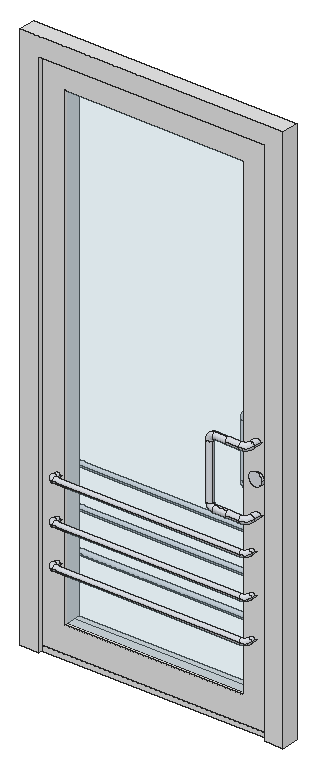
Revit family "AC_ДверьВитражная_Однопольная_ПВХ", category Двери, Revit 2019
Family settings
  Номер OmniClass = 23.30.10.00
  Заголовок OmniClass = Doors
  Всегда вертикально = Да
  При загрузке вырезать с полостями = Нет
  Общий = Нет
  Точка расчета площади = Нет
Parameters (values of type "Остекленная Правая")
  Ширина [instance] = 1000.00 mm
  Функция = Наружные слои
  Угол открывания 30 [instance] = no
  Толщина = 50.00 mm
  Тип полотна = АС-Полотно : Остекленное
  Ручка двери = none
  Рама_Ширина_Справа = 100.00 mm
  Рама_Ширина_Снизу = 100.00 mm
  Рама_Ширина_Слева = 100.00 mm
  Рама_Ширина_Сверху = 100.00 mm
  Рама двери = none
  Правая = yes
  Порог_Высота = 20.00 mm
  Полотно_Ширина [instance] = Ширина - Коробка_Ширина * 2  # 880.00 mm
  Полотно_Высота [instance] = Высота - Коробка_Ширина - Порог_Высота  # 2020.00 mm
  Панель двери = none
  Остекление двери = none
  Описание = "Дверь ПВХ остекленная наружная"
  Аналитическая конструкция = "<Нет>"
  ADSK_Обозначение = "ГОСТ 30970-2014"
  ADSK_Наименование = "ДПН О П Оп Пр Р"
  Левая = not(Правая)  # no
  Коробка_Ширина = 60.00 mm
  Коробка_Толщина = 65.00 mm
  Инструкция по семейству [instance] = "http://communities.autodesk.com/cis/doors.description"
  Защитное ограждение = yes
  Высота [instance] = 2100.00 mm
  ADSK_Этаж [instance] = ""
  ADSK_Примечание [instance] = ""
  ADSK_Предел огнестойкости = ""
  ADSK_Позиция [instance] = ""
  ADSK_Открывание = if(Правая, "Правая", "Левая")  # "Правая"
  ADSK_Наименование краткое = ""
  ADSK_Масса_Текст = ""
  ADSK_Количество [instance] = 0
  ADSK_Код изделия = ""
  ADSK_Зона [instance] = ""
  ADSK_Завод-изготовитель = ""
  ADSK_Единица измерения = ""
  ADSK_Группирование [instance] = ""
  ADSK_Версия Revit = "v2019"  # constant formula
  ADSK_URL страницы изделия = ""
  ADSK_URL документации изделия = ""
Types (2, lengths in mm): name | Правая | ADSK_Наименование | Левая | Инструкция по семейству | ADSK_Открывание
  Остекленная Правая | yes | "ДПН О П Оп Пр Р" | no | "http://communities.autodesk.com/cis/doors.description" | "Правая"
  Остекленная Левая | no | "ДПН О П Оп Л Р" | yes | "" | "Левая"
Reference planes
  plane 1 "По центру (Вперед/Назад)": y = 0
  plane 2: z = 0
  plane 3 "По центру (Влево/Вправо)": x = 82.523
  plane 4: x = -417.477
  plane 5: x = 582.523
  plane 6 "Верх": z = 2100
  plane 7: y = 32.5
  plane 8: y = -32.5
  plane 9: x = -357.477
  plane 10: x = 522.523
  plane 11: y = -17.5
  plane 12: z = 2040
  plane 13: z = 20
  plane 14: z = 1050
Forms (mm)
  Sweep 1, solid, material <- "Панель двери"
    path origin (0, 0, 0) x (1, 0, 0) y (0, 0, 1)
      loop
        line (-417.477, 0) -> (-417.477, 2100) -> (582.523, 2100) -> (582.523, 0)
    profile origin (582.523, 0, 1050) x (0, -1, 0) y (1, 0, 0)
      loop
        line (32.5, 0) -> (-32.5, 0) -> (-32.5, -60) -> (17.5, -60) -> (17.5, -70) -> (32.5, -70) -> (32.5, 0)
  Extrusion 2, solid, material <- "Панель двери", detail levels coarse
    sketch origin (0, 0, 0) x (1, 0, 0) y (0, 1, 0)
      loop
        line (-417.477, -32.5) -> (582.523, -32.5) -> (582.523, 32.5) -> (-417.477, 32.5) -> (-417.477, -32.5)
    from 0 to 2100
  Extrusion 3, solid, material <- "Панель двери"
    sketch origin (0, 0, 0) x (1, 0, 0) y (0, 0, 1)
      loop
        line (-357.477, 20) -> (-357.477, 0) -> (522.523, 0) -> (522.523, 20) -> (-357.477, 20)
    from -32.5 to 17.5
Lines and regions (mm)
  Masking region 1, detail levels medium+fine
    outline origin (82.523, 0, 0) x (0, 1, 0) y (0, 0, 1)
      loop
        line (-17.5, 2040) -> (32.5, 2040) -> (32.5, 2100) -> (-32.5, 2100) -> (-32.5, 2030) -> (-17.5, 2030) -> (-17.5, 2040)
  Masking region 2, detail levels medium+fine
    outline origin (82.523, 0, 0) x (0, 1, 0) y (0, 0, 1)
      loop
        line (-32.5, 0) -> (32.5, 0) -> (32.5, 20) -> (-17.5, 20) -> (-17.5, 30) -> (-32.5, 30) -> (-32.5, 0)
  Masking region 3, detail levels medium+fine
    outline origin (82.523, 0, 0) x (0, 1, 0) y (0, 0, 1)
      loop
        line (-17.5, 20) -> (32.5, 20) -> (32.5, 2040) -> (-17.5, 2040) -> (-17.5, 20)
  Masking region 4, detail levels coarse
    outline origin (82.523, 0, 0) x (0, 1, 0) y (0, 0, 1)
      loop
        line (32.5, 0) -> (32.5, 2100) -> (-32.5, 2100) -> (-32.5, 0) -> (32.5, 0)
  symbolic lines, style "DoorsFrameMullionProjection", detail levels medium+fine
    curve 1: line (82.523, -32.5, 2030) -> (82.523, -32.5, 30)
  symbolic lines, style "Открывание", visible <- "Левая", detail levels medium
    curve 2: line (522.523, 0, 2040) -> (-357.477, 0, 1050)
    curve 3: line (522.523, 0, 20) -> (-357.477, 0, 1050)
  symbolic lines, style "Открывание", visible <- "Правая", detail levels medium
    curve 4: line (-357.477, 0, 2040) -> (522.523, 0, 1050)
    curve 5: line (-357.477, 0, 20) -> (522.523, 0, 1050)
Text (mm)
  text "Наружный" at (-1161.5, 797.241, 0), in view "Опорный уровень "
Dimensions and locks
  equal spacing: plane 4, plane 3 "По центру (Влево/Вправо)", plane 5  (x2)
  "Ширина": plane 4 to plane 5
  equal spacing: plane 7, plane 1 "По центру (Вперед/Назад)", plane 8
  "Коробка_Толщина": plane 7 to plane 8
  "Коробка_Ширина": plane 4 to plane 9
  "Коробка_Ширина": plane 10 to plane 5
  "Толщина": plane 7 to plane 11
  "Высота": plane 6 "Верх" to plane 2
  "Коробка_Ширина": plane 12 to plane 6 "Верх"
  locked: Sweep 1 sketch curve to plane 10 at 10
  equal spacing: plane 2, plane 14, plane 6 "Верх"
  "Порог_Высота": plane 13 to plane 2
  aligned and locked: level to plane 2
  aligned and locked: nested 1 to plane 7
  aligned and locked: plane 7 to nested 2
  aligned and locked: nested 2 to plane 5
  aligned and locked: nested 2 to plane 4
  aligned and locked: nested 1 to plane 4
  aligned and locked: nested 1 to plane 5
  aligned and locked: plane 5 to Sweep 1 sketch curve
  aligned and locked: plane 4 to Sweep 1 sketch curve
  aligned and locked: plane 6 "Верх" to Sweep 1 sketch curve
  aligned and locked: profile plane to Sweep 1 sketch curve
  aligned and locked: plane 7 to Sweep 1 sketch curve
  aligned and locked: plane 8 to Sweep 1 sketch curve
  aligned and locked: plane 10 to Sweep 1 sketch curve
  aligned and locked: plane 11 to Sweep 1 sketch curve
  aligned and locked: Extrusion 2 sketch curve to plane 4
  aligned and locked: Extrusion 2 sketch curve to plane 5
  aligned and locked: Extrusion 2 sketch curve to plane 7
  aligned and locked: Extrusion 2 sketch curve to plane 8
  aligned and locked: Extrusion 2 to plane 6 "Верх"
  aligned and locked: nested 3 to plane 13
  aligned and locked: nested 3 to plane 7
  aligned and locked: nested 4 to plane 7
  aligned and locked: nested 4 to plane 4
  aligned and locked: plane 7 to nested 5
  aligned and locked: nested 5 to plane 5
  aligned and locked: Masking region 1 sketch curve to Sweep 1  (x2)
  aligned and locked: Sweep 1 to Masking region 1 sketch curve
  aligned and locked: plane 8 to Masking region 1 sketch curve
  aligned and locked: plane 6 "Верх" to Masking region 1 sketch curve
  aligned and locked: plane 7 to Masking region 1 sketch curve
  aligned and locked: plane 8 to Masking region 2 sketch curve
  aligned and locked: plane 2 to Masking region 2 sketch curve
  aligned and locked: plane 7 to Masking region 2 sketch curve
  aligned and locked: plane 13 to Masking region 2 sketch curve
  aligned and locked: plane 11 to Masking region 2 sketch curve
  aligned and locked: plane 11 to Masking region 3 sketch curve
  aligned and locked: plane 7 to Masking region 3 sketch curve
  aligned and locked: plane 13 to Masking region 3 sketch curve
  aligned and locked: plane 12 to Masking region 3 sketch curve
  aligned and locked: plane 7 to Masking region 4 sketch curve
  aligned and locked: plane 8 to Masking region 4 sketch curve
  aligned and locked: plane 6 "Верх" to Masking region 4 sketch curve
  aligned and locked: plane 2 to Masking region 4 sketch curve
  aligned and locked: plane 9 to nested 3
  aligned and locked: Sweep 1 to curve 1  (x2)
  aligned and locked: curve 3 to Sweep 1
  aligned and locked: plane 12 to curve 2
  aligned and locked: plane 10 to curve 2
  aligned and locked: plane 14 to curve 2
  aligned and locked: plane 9 to curve 3
  aligned and locked: plane 13 to curve 3
  aligned and locked: Sweep 1 to curve 4
  aligned and locked: nested 3 to curve 4
  aligned and locked: Sweep 1 to curve 5
  aligned and locked: Extrusion 3 sketch curve to plane 13
  aligned and locked: plane 2 to Extrusion 3 sketch curve
  aligned and locked: plane 9 to Extrusion 3 sketch curve
  aligned and locked: Extrusion 3 sketch curve to plane 10
  aligned and locked: plane 7 to Extrusion 3
  aligned and locked: Extrusion 3 to plane 11
Automatic sketch dimensions
  curve 5 to plane 13 = 0.00 mm
  curve 5 to plane 14 = 0.00 mm
  curve 4 to plane 12 = 0.00 mm
  Sweep 1 sketch curve to level = 0.00 mm  (x2)
  plane 13 to curve 1 = 10.00 mm
  plane 13 to Masking region 2 sketch curve = 10.00 mm
Nested families
  nested 1: "АС-Навесная-Однопольная-Обозначение на плане" at (82.523, 32.5, 0), Height <- "Высота", Width <- "Ширина", Толщина <- "Толщина", Коробка.Толщина <- "Коробка_Толщина", visible <- "Левая", Полотно.Ширина <- "Полотно_Ширина", type "АС-Стандарт"
    with built-in parameter 1001301 1000.00 mm, Толщина 50.00 mm, built-in parameter 1001305 960.00 mm, Полотно.Ширина 880.00 mm, Коробка.Толщина 65.00 mm, built-in parameter 1001300 2100.00 mm
  nested 2: "АС-Навесная-Однопольная-Обозначение на плане" at (82.523, 32.5, 0) x (-1, 0, 0) z (0, 0, 1), Height <- "Высота", Width <- "Ширина", Толщина <- "Толщина", Коробка.Толщина <- "Коробка_Толщина", visible <- "Правая", Полотно.Ширина <- "Полотно_Ширина", type "АС-Стандарт"
    with built-in parameter 1001301 1000.00 mm, Толщина 50.00 mm, built-in parameter 1001305 960.00 mm, Полотно.Ширина 880.00 mm, Коробка.Толщина 65.00 mm, built-in parameter 1001300 2100.00 mm
  nested 3: "АС-Полотно" at (82.523, 32.5, 20), Остекление двери <- "Остекление двери", Полотно двери <- "Панель двери", Фурнитура <- "Ручка двери", Полотно двери.Толщина <- "Толщина", Рама.Ширина справа <- "Рама_Ширина_Справа", Рама.Ширина слева <- "Рама_Ширина_Слева", Рама.Ширина внизу <- "Рама_Ширина_Снизу", Рама.Ширина вверху <- "Рама_Ширина_Сверху", Полотно двери.Ширина <- "Полотно_Ширина", Полотно двери.Высота <- "Полотно_Высота", Защитные ограждения <- "Защитное ограждение", type <- "Тип полотна", type "Остекленное"
    with Фурнитура none, Рама.Ширина справа 100.00 mm, Рама.Ширина слева 100.00 mm, Рама.Ширина внизу 100.00 mm, Рама.Ширина вверху 100.00 mm, Полотно двери.Ширина 880.00 mm, Полотно двери.Толщина 50.00 mm, Полотно двери.Высота 2020.00 mm, Полотно двери none, Остекление двери none, Защитные ограждения yes, Остекленная yes, Защитное ограждение.Высота расположения 600.00 mm, Глухая no
  nested 4: "АС-Ручка двери" at (-417.477, 32.5, 0), Ручка двери <- "Ручка двери", Полотно двери.Толщина <- "Толщина", visible <- "Левая", type "АС-Стандарт"
    with Ручка двери none, Полотно двери.Толщина 50.00 mm, Отступ ручки от края 110.00 mm, Высота расположения ручки 1000.00 mm
  nested 5: "АС-Ручка двери" at (582.523, 32.5, 0) x (-1, 0, 0) z (0, 0, 1), Ручка двери <- "Ручка двери", Полотно двери.Толщина <- "Толщина", visible <- "Правая", type "АС-Стандарт"
    with Ручка двери none, Полотно двери.Толщина 50.00 mm, Отступ ручки от края 110.00 mm, Высота расположения ручки 1000.00 mm
Definition of nested family "АС-Полотно"
  Parameters
    Фурнитура [instance] = none
    Рама.Ширина справа [instance] = 100.00 mm
    Рама.Ширина слева [instance] = 100.00 mm
    Рама.Ширина внизу [instance] = 100.00 mm
    Рама.Ширина вверху [instance] = 100.00 mm
    Остекленная = not(Глухая)  # no
    Полотно двери.Ширина [instance] = 900.00 mm
    Полотно двери.Толщина [instance] = 50.00 mm
    Полотно двери.Высота [instance] = 2400.00 mm
    Полотно двери [instance] = none
    Защитное ограждение.Высота расположения = 650.00 mm
    Глухая = yes
    Остекление двери [instance] = none
    Защитные ограждения [instance] = no
    Default Elevation = 0.00 mm
  Reference planes
    plane 1 "Center (Front/Back)": y = 0
    plane 2: z = 0
    plane 3 "Center (Left/Right)": x = 0
    plane 4: x = -450
    plane 5: x = 450
    plane 6 "Back": y = -50
    plane 7: z = 2400
    plane 8 "Остекление снаружи": y = -8
    plane 9 "Остекление внутри": y = -42
    plane 10 "Ширина рамы справа": x = -350
    plane 11 "Ширина рамы слева": x = 350
    plane 12 "Ширина рамы внизу": z = 100
    plane 13 "Ширина рамы вверху": z = 2300
    plane 14: z = 650
    plane 15: z = 500
    plane 16: z = 350
  Forms (mm)
    Extrusion 1, solid, material <- "Остекление двери", visible <- "Остекленная", detail levels medium+fine
      sketch origin (-646.608, -8, 1200) x (-1, 0, 0) y (0, 0, 1)
        loop
          line (-296.608, 1100) -> (-996.608, 1100) -> (-996.608, -1100) -> (-296.608, -1100) -> (-296.608, 1100)
      from 0 to -34
    Sweep 2, solid, material <- "Фурнитура", visible <- "Защитные ограждения", detail levels medium+fine
      path origin (-858.179, -1524, 650) x (-1, 0, 0) y (0, -1, 0)
        loop
          arc (-478.179, -1459) -> (-482.572, -1448.393) -> (-493.179, -1444) r 15
          line (-493.179, -1444) -> (-1223.179, -1444)
          arc (-1223.179, -1444) -> (-1233.785, -1448.393) -> (-1238.179, -1459) r 15
          line (-1238.179, -1459) -> (-1238.179, -1554)
          arc (-1238.179, -1554) -> (-1233.785, -1564.607) -> (-1223.179, -1569) r 15
          line (-1223.179, -1569) -> (-493.179, -1569)
          arc (-493.179, -1569) -> (-482.572, -1564.607) -> (-478.179, -1554) r 15
          line (-478.179, -1554) -> (-478.179, -1459)
      profile origin (-380, -17.5, 650) x (-1, 0, 0) y (0, 0, 1)
        loop
          circle (0, 0) r 10
    Sweep 3, solid, material <- "Фурнитура", visible <- "Защитные ограждения", detail levels medium+fine
      path origin (-858.179, -1524, 500) x (-1, 0, 0) y (0, -1, 0)
        loop
          arc (-478.179, -1459) -> (-482.572, -1448.393) -> (-493.179, -1444) r 15
          line (-493.179, -1444) -> (-1223.179, -1444)
          arc (-1223.179, -1444) -> (-1233.785, -1448.393) -> (-1238.179, -1459) r 15
          line (-1238.179, -1459) -> (-1238.179, -1554)
          arc (-1238.179, -1554) -> (-1233.785, -1564.607) -> (-1223.179, -1569) r 15
          line (-1223.179, -1569) -> (-493.179, -1569)
          arc (-493.179, -1569) -> (-482.572, -1564.607) -> (-478.179, -1554) r 15
          line (-478.179, -1554) -> (-478.179, -1459)
      profile origin (-380, -17.5, 500) x (-1, 0, 0) y (0, 0, 1)
        loop
          circle (0, 0) r 10
    Sweep 4, solid, material <- "Фурнитура", visible <- "Защитные ограждения", detail levels medium+fine
      path origin (-858.179, -1524, 350) x (-1, 0, 0) y (0, -1, 0)
        loop
          arc (-478.179, -1459) -> (-482.572, -1448.393) -> (-493.179, -1444) r 15
          line (-493.179, -1444) -> (-1223.179, -1444)
          arc (-1223.179, -1444) -> (-1233.785, -1448.393) -> (-1238.179, -1459) r 15
          line (-1238.179, -1459) -> (-1238.179, -1554)
          arc (-1238.179, -1554) -> (-1233.785, -1564.607) -> (-1223.179, -1569) r 15
          line (-1223.179, -1569) -> (-493.179, -1569)
          arc (-493.179, -1569) -> (-482.572, -1564.607) -> (-478.179, -1554) r 15
          line (-478.179, -1554) -> (-478.179, -1459)
      profile origin (-380, -17.5, 350) x (-1, 0, 0) y (0, 0, 1)
        loop
          circle (0, 0) r 10
    Sweep 5, solid, material <- "Полотно двери", visible <- "Остекленная", detail levels medium+fine
      path origin (0, 0, 0) x (1, 0, 0) y (0, 0, 1)
        loop
          line (-450, 2400) -> (-450, 0) -> (450, 0) -> (450, 2400) -> (-450, 2400)
      profile origin (-450, 0, 1200) x (0, -1, 0) y (1, 0, 0)
        loop
          line (50, 0) -> (50, 100) -> (-15, 100) -> (-15, -15) -> (0, -15) -> (0, 0) -> (50, 0)
    Extrusion 6, solid, material <- "Полотно двери", visible <- "Глухая", detail levels medium+fine
      sketch origin (0, 0, 0) x (1, 0, 0) y (0, 0, 1)
        loop
          line (-450, 2400) -> (-450, 0) -> (450, 0) -> (450, 2400) -> (-450, 2400)
      from 0 to 50
    Extrusion 7, solid, material <- "Полотно двери", visible <- "Глухая", detail levels medium+fine
      sketch origin (0, 0, 0) x (1, 0, 0) y (0, 0, 1)
        loop
          line (465, 2415) -> (-465, 2415) -> (-465, -15) -> (465, -15) -> (465, 2415)
      from 0 to -15
  Cuts and joins
    joined: Extrusion 6, Extrusion 7
  Dimensions and locks
    "Полотно двери.Толщина": plane 1 "Center (Front/Back)" to plane 6 "Back"
    equal spacing: plane 4, plane 3 "Center (Left/Right)", plane 5
    "Полотно двери.Ширина": plane 4 to plane 5
    "Полотно двери.Высота": plane 7 to plane 2
    locked: plane 9 "Остекление внутри" to plane 6 "Back" at 8
    locked: plane 1 "Center (Front/Back)" to plane 8 "Остекление снаружи" at 8
    "Рама.Ширина вверху": plane 7 to plane 13 "Ширина рамы вверху"
    "Рама.Ширина внизу": plane 12 "Ширина рамы внизу" to plane 2
    "Рама.Ширина справа": plane 5 to plane 11 "Ширина рамы слева"
    "Рама.Ширина слева": plane 10 "Ширина рамы справа" to plane 4
    "Защитное ограждение.Высота расположения": plane 14 to plane 2
    plane 14 to plane 15 to plane 16 = 150.00 mm locked, 150.00 mm locked
    locked: Extrusion 7 to Sweep 2 sketch curve at 30
    locked: Sweep 2 sketch curve to profile plane at 0
    locked: profile plane to Sweep 2 sketch curve at 0
    locked: Sweep 2 sketch curve to plane 6 "Back" at 30
    locked: Sweep 3 sketch curve to profile plane at 0
    locked: profile plane to Sweep 3 sketch curve at 0
    locked: Sweep 3 sketch curve to plane 6 "Back" at 30
    locked: plane 1 "Center (Front/Back)" to Sweep 3 sketch curve at 45
    locked: Sweep 4 sketch curve to profile plane at 0
    locked: profile plane to Sweep 4 sketch curve at 0
    locked: Sweep 4 sketch curve to plane 6 "Back" at 30
    locked: plane 1 "Center (Front/Back)" to Sweep 4 sketch curve at 45
    plane 7 to plane 2 = 2400.00 mm
    locked: Sweep 2 sketch curve to plane 10 "Ширина рамы справа" at 30
    locked: plane 11 "Ширина рамы слева" to Sweep 2 sketch curve at 30
    locked: plane 11 "Ширина рамы слева" to Sweep 3 sketch curve at 30
    locked: Sweep 3 sketch curve to plane 10 "Ширина рамы справа" at 30
    locked: Sweep 4 sketch curve to plane 10 "Ширина рамы справа" at 30
    locked: plane 11 "Ширина рамы слева" to Sweep 4 sketch curve at 30
    locked: Sweep 2 sketch curve to Sweep 2 sketch curve at 15  (x8)
    locked: Sweep 3 sketch curve to Sweep 3 sketch curve at 15  (x8)
    locked: Sweep 4 sketch curve to Sweep 4 sketch curve at 15  (x8)
    locked: plane 1 "Center (Front/Back)" to Sweep 5 sketch curve at 15
    locked: Sweep 5 sketch curve to plane 4 at 15
    aligned and locked: level to plane 2
    aligned and locked: Extrusion 1 sketch curve to plane 10 "Ширина рамы справа"
    aligned and locked: Extrusion 1 sketch curve to plane 11 "Ширина рамы слева"
    aligned and locked: plane 13 "Ширина рамы вверху" to Extrusion 1 sketch curve
    aligned and locked: plane 12 "Ширина рамы внизу" to Extrusion 1 sketch curve
    aligned and locked: Extrusion 1 to plane 8 "Остекление снаружи"
    aligned and locked: Extrusion 1 to plane 9 "Остекление внутри"
    aligned and locked: Sweep 5 sketch curve to plane 4
    aligned and locked: Sweep 5 sketch curve to plane 5
    aligned and locked: Sweep 5 sketch curve to plane 2
    aligned and locked: Sweep 5 sketch curve to plane 7
    aligned and locked: plane 6 "Back" to Sweep 5 sketch curve
    aligned and locked: plane 10 "Ширина рамы справа" to Sweep 5 sketch curve
    aligned and locked: plane 4 to Sweep 5 sketch curve
    aligned and locked: plane 1 "Center (Front/Back)" to Sweep 5 sketch curve
    aligned and locked: Extrusion 6 sketch curve to plane 4
    aligned and locked: Extrusion 6 sketch curve to plane 5
    aligned and locked: Extrusion 6 sketch curve to plane 2
    aligned and locked: Extrusion 6 sketch curve to plane 7
    aligned and locked: Extrusion 7 sketch curve to Sweep 5  (x4)
    aligned and locked: Extrusion 6 to plane 6 "Back"
    aligned and locked: Extrusion 7 to Sweep 5
  Automatic sketch dimensions
    radius of Sweep 2 sketch curve = 10.00 mm
    radius of Sweep 3 sketch curve = 10.00 mm
    radius of Sweep 4 sketch curve = 10.00 mm
Definition of nested family "АС-Ручка двери"
  Parameters
    Ручка двери [instance] = none
    Полотно двери.Толщина [instance] = 90.00 mm
    Отступ ручки от края = 90.00 mm
    Высота расположения ручки = 900.00 mm
    Default Elevation = 0.00 mm
  Reference planes
    plane 1 "Наружная сторона полотна": y = 0
    plane 2: z = 0
    plane 3 "Край полотна": x = 0
    plane 4 "Вертикаль расположения": x = 90
    plane 5 "Горизонталь расположения": z = 900
    plane 6 "Внутренняя сторона полотна": y = -90
    plane 7: z = 650
    plane 8: y = 65
    plane 9: y = -140
  Forms (mm)
    Sweep 1, solid, material <- "Ручка двери", detail levels fine
      path origin (0, 0, 900) x (1, 0, 0) y (0, 1, 0)
        loop
          line (160, 65) -> (110, 65)
          arc (110, 65) -> (95.858, 59.142) -> (90, 45) r 20
          line (90, 45) -> (90, -120)
          arc (90, -120) -> (95.858, -134.142) -> (110, -140) r 20
          line (110, -140) -> (160, -140)
      profile origin (90, -37.5, 900) x (1, 0, 0) y (0, 0, 1)
        loop
          circle (0, 0) r 12
    Extrusion 2, solid, material <- "Ручка двери", detail levels fine
      sketch origin (0, 0, 0) x (1, 0, 0) y (0, 0, 1)
        loop
          circle (90, 775) r 25
      from 98 to -23
    Sweep 3, solid, material <- "Ручка двери", detail levels fine
      path origin (592.846, -30.48, 650) x (1, 0, 0) y (0, 1, 0)
        loop
          line (-432.846, 95.48) -> (-482.846, 95.48)
          arc (-482.846, 95.48) -> (-496.988, 89.622) -> (-502.846, 75.48) r 20
          line (-502.846, 75.48) -> (-502.846, -89.52)
          arc (-502.846, -89.52) -> (-496.988, -103.662) -> (-482.846, -109.52) r 20
          line (-482.846, -109.52) -> (-432.846, -109.52)
      profile origin (90, -37.5, 650) x (1, 0, 0) y (0, 0, 1)
        loop
          circle (0, 0) r 12
    Sweep 4, solid, material <- "Ручка двери", detail levels fine
      path origin (160, 65, 1200) x (1, 0, 0) y (0, 0, 1)
        loop
          line (0, -300) -> (50, -300)
          arc (50, -300) -> (64.142, -305.858) -> (70, -320) r 20
          line (70, -320) -> (70, -530)
          arc (70, -530) -> (64.142, -544.142) -> (50, -550) r 20
          line (50, -550) -> (0, -550)
      profile origin (185, 65, 900) x (0, 0, 1) y (0, -1, 0)
        loop
          circle (0, 0) r 12
    Sweep 5, solid, material <- "Ручка двери", detail levels fine
      path origin (160, -140, 1200) x (1, 0, 0) y (0, 0, 1)
        loop
          line (0, -300) -> (50, -300)
          arc (50, -300) -> (64.142, -305.858) -> (70, -320) r 20
          line (70, -320) -> (70, -530)
          arc (70, -530) -> (64.142, -544.142) -> (50, -550) r 20
          line (50, -550) -> (0, -550)
      profile origin (185, -140, 900) x (0, 0, 1) y (0, -1, 0)
        loop
          circle (0, 0) r 12
  Cuts and joins
    joined: Sweep 1, Sweep 3, Sweep 4, Sweep 5
  Dimensions and locks
    "Отступ ручки от края": plane 3 "Край полотна" to plane 4 "Вертикаль расположения"
    "Высота расположения ручки": plane 5 "Горизонталь расположения" to level
    "Полотно двери.Толщина": plane 1 "Наружная сторона полотна" to plane 6 "Внутренняя сторона полотна"
    locked: plane 1 "Наружная сторона полотна" to Extrusion 2 at 23
    locked: plane 6 "Внутренняя сторона полотна" to Extrusion 2 at 8
    locked: Extrusion 2 sketch curve to plane 5 "Горизонталь расположения" at 125
    locked: Extrusion 2 sketch curve to plane 4 "Вертикаль расположения"
    locked: plane 1 "Наружная сторона полотна" to Sweep 1 sketch curve at 65
    locked: plane 6 "Внутренняя сторона полотна" to Sweep 1 sketch curve at 50
    locked: plane 4 "Вертикаль расположения" to Sweep 1 sketch curve at 70  (x2)
    locked: Sweep 1 sketch curve to plane 5 "Горизонталь расположения"
    locked: plane 4 "Вертикаль расположения" to Sweep 1 sketch curve at 0
    locked: plane 1 "Наружная сторона полотна" to Sweep 3 sketch curve at 65
    locked: plane 6 "Внутренняя сторона полотна" to Sweep 3 sketch curve at 50
    locked: plane 4 "Вертикаль расположения" to Sweep 3 sketch curve at 70  (x2)
    locked: plane 7 to plane 5 "Горизонталь расположения" at 250
    locked: plane 8 to plane 1 "Наружная сторона полотна" at 65
    locked: plane 9 to plane 6 "Внутренняя сторона полотна" at 50
    locked: Sweep 4 sketch curve to plane 4 "Вертикаль расположения" at 140
    locked: Sweep 5 sketch curve to plane 4 "Вертикаль расположения" at 140
    aligned and locked: Sweep 1 sketch curve to plane 4 "Вертикаль расположения"
    aligned and locked: Sweep 3 sketch curve to plane 4 "Вертикаль расположения"
    aligned and locked: plane 7 to Sweep 4 sketch curve
    aligned and locked: plane 5 "Горизонталь расположения" to Sweep 4 sketch curve
    aligned and locked: plane 5 "Горизонталь расположения" to Sweep 5 sketch curve
    aligned and locked: plane 7 to Sweep 5 sketch curve
  Automatic sketch dimensions
    plane 4 "Вертикаль расположения" to Sweep 1 sketch curve = 20.00 mm  (x2)
    plane 4 "Вертикаль расположения" to Sweep 3 sketch curve = 20.00 mm  (x2)
    Sweep 3 sketch curve to plane 7 = 0.00 mm
    profile plane to Sweep 3 sketch curve = 0.00 mm
    Sweep 4 sketch curve to Sweep 4 sketch curve = 20.00 mm
    Sweep 4 sketch curve to plane 5 "Горизонталь расположения" = 20.00 mm
    Sweep 4 sketch curve to Sweep 4 sketch curve = 50.00 mm  (x2)
    Sweep 4 sketch curve to plane 8 = 0.00 mm
    profile plane to Sweep 4 sketch curve = 0.00 mm
    profile plane to Sweep 5 sketch curve = 0.00 mm
    Sweep 5 sketch curve to profile plane = 0.00 mm
    plane 4 "Вертикаль расположения" to Sweep 5 sketch curve = 70.00 mm
    Sweep 5 sketch curve to Sweep 5 sketch curve = 50.00 mm  (x2)
    Sweep 5 sketch curve to plane 5 "Горизонталь расположения" = 20.00 mm
    radius of Sweep 1 sketch curve = 12.00 mm
    radius of Extrusion 2 sketch curve = 25.00 mm
    radius of Sweep 3 sketch curve = 12.00 mm
    radius of Sweep 4 sketch curve = 12.00 mm
    radius of Sweep 5 sketch curve = 12.00 mm
Definition of nested family "АС-Навесная-Однопольная-Обозначение на плане"
  Parameters
    Полотно.Ширина [instance] = 920.00 mm
    Открывание двери 90 = not(Открывание двери 30)  # yes
    Открывание двери 30 = no
    Линия открывания (дуга) = not(Открывание двери 30)  # yes
    Коробка.Толщина [instance] = 80.00 mm
    Width [instance] = 1000.00 mm
    Thickness [instance] = 40.00 mm
    Rough Width [instance] = 960.00 mm
    Height [instance] = 2100.00 mm
    Default Elevation = 0.00 mm
  Reference planes
    plane 1 "Center (Front/Back)": y = 0
    plane 2: z = 0
    plane 3 "Center (Left/Right)": x = 0
    plane 4 "Полотно.Слева": x = -500
    plane 5 "Полотно справа": x = 500
    plane 6 "Полотно. Внутренняя сторона": y = -40
    plane 7 "Коробка. Внутренняя сторона": y = -80
    plane 8 "Коробка.Внутренняя сторона слева": x = -460
    plane 9 "Коробка. Внутренняя сторона справа": x = 460
  Lines and regions (mm)
    Masking region 1, detail levels fine
      outline origin (0, 0, 0) x (1, 0, 0) y (0, 1, 0)
        loop
          line (-500, 0) -> (-500, -80) -> (-450, -80) -> (-450, -40) -> (-460, -40) -> (-460, 0) -> (-500, 0)
    Masking region 2, detail levels fine
      outline origin (0, 0, 0) x (1, 0, 0) y (0, 1, 0)
        loop
          line (500, 0) -> (460, 0) -> (460, -40) -> (450, -40) -> (450, -80) -> (500, -80) -> (500, 0)
    Masking region 3, visible <- "Открывание двери 90", detail levels fine
      outline origin (0, 0, 0) x (1, 0, 0) y (0, 1, 0)
        loop
          line (460, 0) -> (460, 920) -> (420, 920) -> (420, 0) -> (460, 0)
    Masking region 4, visible <- "Открывание двери 30", detail levels fine
      outline origin (0, 0, 0) x (1, 0, 0) y (0, 1, 0)
        loop
          line (460, 0) -> (-336.743, 460) -> (-356.743, 425.359) -> (440, -34.641) -> (460, 0)
    symbolic lines, visible <- "Открывание двери 30", detail levels coarse+medium
      curve 1: line (500, 0, 0) -> (-366.025, 500, 0)
    symbolic lines, visible <- "Открывание двери 90", detail levels coarse+medium
      curve 2: line (500, 0, 0) -> (500, 1000, 0)
      curve 5: arc (-500, 0, 0) -> (-207.107, 707.107, 0) -> (500, 1000, 0) r 1000
    symbolic lines, visible <- "Линия открывания (дуга)", detail levels fine
      curve 3: arc (-460, 0, 0) -> (-190.538, 650.538, 0) -> (460, 920, 0) r 920
    model lines
      curve 4: line (0, 0, 0) -> (0, 0, 2100)
  Dimensions and locks
    "Thickness": plane 1 "Center (Front/Back)" to plane 6 "Полотно. Внутренняя сторона"
    equal spacing: plane 4 "Полотно.Слева", plane 3 "Center (Left/Right)", plane 5 "Полотно справа"
    "Width": plane 4 "Полотно.Слева" to plane 5 "Полотно справа"
    plane 1 "Center (Front/Back)" to plane 7 "Коробка. Внутренняя сторона" = 80.00 mm
    "Коробка.Толщина": plane 7 "Коробка. Внутренняя сторона" to plane 1 "Center (Front/Back)"
    equal spacing: plane 8 "Коробка.Внутренняя сторона слева", plane 3 "Center (Left/Right)", plane 9 "Коробка. Внутренняя сторона справа"
    "Полотно.Ширина": plane 8 "Коробка.Внутренняя сторона слева" to plane 9 "Коробка. Внутренняя сторона справа"
    "Width": curve 1 to curve 1
    "Width": plane 1 "Center (Front/Back)" to curve 2
    locked: plane 8 "Коробка.Внутренняя сторона слева" to Masking region 1 sketch curve at 10
    locked: Masking region 2 sketch curve to Masking region 2 sketch curve at 10
    "Полотно.Ширина": plane 1 "Center (Front/Back)" to Masking region 3 sketch curve
    "Thickness": Masking region 3 sketch curve to plane 9 "Коробка. Внутренняя сторона справа"
    "Полотно.Ширина": Masking region 4 sketch curve to Masking region 4 sketch curve
    "Thickness": Masking region 4 sketch curve to Masking region 4 sketch curve
    "Height": curve 4 to level
    "Полотно.Ширина": radius of curve 3
    "Width": radius of curve 5
    locked: curve 1 to plane 1 "Center (Front/Back)" (angle 30.00°)
    locked: Masking region 4 sketch curve to plane 1 "Center (Front/Back)" (angle 30.00°)
    aligned and locked: level to plane 2
    aligned and locked: plane 1 "Center (Front/Back)" to curve 2
    aligned and locked: Masking region 1 sketch curve to plane 4 "Полотно.Слева"
    aligned and locked: Masking region 1 sketch curve to plane 8 "Коробка.Внутренняя сторона слева"
    aligned and locked: Masking region 1 sketch curve to plane 1 "Center (Front/Back)"
    aligned and locked: Masking region 1 sketch curve to plane 7 "Коробка. Внутренняя сторона"
    aligned and locked: Masking region 1 sketch curve to plane 6 "Полотно. Внутренняя сторона"
    aligned and locked: Masking region 2 sketch curve to plane 5 "Полотно справа"
    aligned and locked: Masking region 2 sketch curve to plane 9 "Коробка. Внутренняя сторона справа"
    aligned and locked: Masking region 2 sketch curve to plane 7 "Коробка. Внутренняя сторона"
    aligned and locked: Masking region 2 sketch curve to plane 6 "Полотно. Внутренняя сторона"
    aligned and locked: Masking region 2 sketch curve to plane 1 "Center (Front/Back)"
    aligned and locked: curve 3 to Masking region 1
    aligned and locked: plane 9 "Коробка. Внутренняя сторона справа" to curve 3
    aligned and locked: Masking region 2 to Masking region 3 sketch curve
    aligned and locked: Masking region 3 sketch curve to Masking region 2
    aligned and locked: plane 9 "Коробка. Внутренняя сторона справа" to Masking region 4 sketch curve
    aligned and locked: plane 2 to curve 4
    aligned and locked: plane 3 "Center (Left/Right)" to curve 4
    aligned and locked: plane 5 "Полотно справа" to curve 2
    aligned and locked: Masking region 1 to curve 5
  Automatic sketch dimensions
    plane 1 "Center (Front/Back)" to Masking region 4 sketch curve = 0.00 mm
